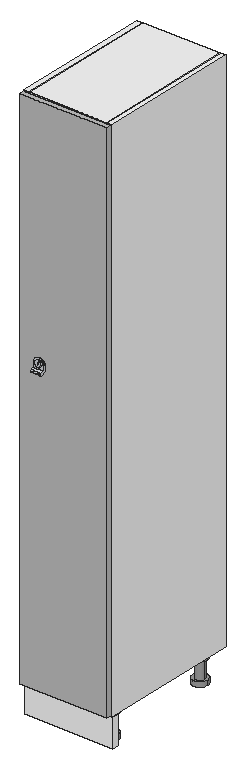
Revit family "1900H Locker Standard 1,2,3 Door", category Casework, Revit 2016
Family settings
  OmniClass Number = 23.40.35.00
  OmniClass Title = Casework
  Work Plane-Based = No
  Always vertical = Yes
  Cut with Voids When Loaded = No
  Shared = No
  Room Calculation Point = No
Parameters (values of type "LW319S1ABNP")
  WarrantyGuarantorParts = "www.bisley.com"  # constant formula
  WarrantyGuarantorLabour = "www.bisley.com"  # constant formula
  WarrantyDurationUnit = "Years"  # constant formula
  WarrantyDurationParts = "5"  # constant formula
  WarrantyDurationLabour = "5"  # constant formula
  WarrantyDescription = "5 Years Parts & Labour"  # constant formula
  Uniclass2015Version = "3.1"  # constant formula
  Uniclass2015Title = "Lockers"  # constant formula
  Uniclass2015Code = "Pr_40_30_78_48"  # constant formula
  URL = "www.bisley.com"
  SustainabilityPerformance = "FSC Approved"  # constant formula
  SerialNumber = ""
  NominalWidth = Width  # 300 mm
  NominalLength = Depth  # 500 mm
  NominalHeight = Height  # 1900 mm
  Name = "1900H Standard Door"  # constant formula
  NBSReference = "45-35-80/380"  # constant formula
  NBSDescription = "General fittings, furnishings and equipment system"  # constant formula
  ModelReference = "LW319S1ABNP"
  Model = "Lockerwall"  # constant formula
  Material = "MFC"  # constant formula
  ManufacturerURL = "www.bisley.com"  # constant formula
  Manufacturer = "Bisley"  # constant formula
  ManufactureName = "Bisley"  # constant formula
  M3 Lock 3d = no
  M3 Lock 2d = no
  M3 Lock 1d = no
  Foot [instance] = Foot 100 : Foot 100
  Finish = "Matt"  # constant formula
  E4 Lock 3d = no
  E4 Lock 2d = no
  E4 Lock 1d = no
  DurationUnit = "Years"  # constant formula
  Depth = 500 mm
  Height = 1900 mm
  Width = 300 mm
  Carcass Material = "MFC"  # constant formula
  Author = "Bisley"  # constant formula
  AssetType = "Fixed"  # constant formula
  AB Lock 3d = no
  AB Lock 2d = no
  AB Lock 1d = yes
  3 door = no
  2 door = no
  1 door = yes
Reference planes
  plane 1 "Back": y = 0
  plane 2: z = 0
  plane 3 "Center (Left/Right)": x = 44.7
  plane 4 "Front": y = -500
  plane 5 "Left": x = -105.3
  plane 6 "Right": x = 194.7
  plane 7 "Top": z = 1900
  plane 8 "Base": z = 98
  plane 9 "Base Left": x = -87.3
  plane 10 "Base Right": x = 176.7
  plane 11: y = -482
  plane 12: y = -10.5
  plane 13: y = -29.5
  plane 14 "Back Base": z = 110.5
  plane 15: z = 1887.5
  plane 16: z = 95
  plane 17 "Plinth": y = -477
  plane 18: y = -459
  plane 19: z = 101
  plane 20: z = 697
  plane 21: z = 701
  plane 22: z = 1297
  plane 23: z = 1301
  plane 24: z = 1897
  plane 25: x = -103.3
  plane 26: x = 192.7
  plane 27 "Shelf 2": z = 1290
  plane 28 "Shelf 1": z = 690
  plane 29: z = 997
  plane 30: z = 1001
  plane 31 "Shelf 3": z = 990
  plane 32 "Shelf 4": z = 412
  plane 33 "Shelf 5": z = 1586
Forms (mm)
  Extrusion 1, solid, not visible
    sketch origin (-1691.73, 346.204, -12) x (1, 0, 0) y (0, 0, 1)
      loop
        line (48, 12) -> (56, 12) -> (56, 20) -> (48, 20) -> (48, 12)
    from 0 to 26
  Extrusion 2, solid, not visible
    sketch origin (-1683.73, 346.204, -12) x (-1, 0, 0) y (0, 0, -1)
      loop
        line (48, -12) -> (48, -20) -> (56, -20) -> (56, -12) -> (48, -12)
    from 0 to 26
  Extrusion 3, solid, not visible
    sketch origin (-1687.73, 350.204, -3.997) x (0, 1, 0) y (0, 0, 1)
      loop
        line (-26, 3.997) -> (-26, 11.997) -> (-34, 11.997) -> (-34, 3.997) -> (-26, 3.997)
    from -52 to 52
  Extrusion 4, solid, material "MFC 1"
    sketch origin (0, 0, 0) x (1, 0, 0) y (0, 1, 0)
      loop
        line (-105.3, -482) -> (-87.3, -482) -> (-87.3, 0) -> (-105.3, 0) -> (-105.3, -482)
    from 98 to 1900
  Extrusion 5, solid, material "MFC 1"
    sketch origin (0, 0, 98) x (-1, 0, 0) y (0, -1, 0)
      loop
        line (-176.7, 482) -> (-194.7, 482) -> (-194.7, 0) -> (-176.7, 0) -> (-176.7, 482)
    from 0 to 1802
  Extrusion 6, solid, material "MFC 1"
    sketch origin (0, 0, 98) x (-1, 0, 0) y (0, -1, 0)
      loop
        line (87.3, 482) -> (-176.7, 482) -> (-176.7, 0) -> (87.3, 0) -> (87.3, 482)
    from 0 to 18
  Extrusion 7, void
    sketch origin (176.7, 0, 0) x (0, 1, 0) y (0, 0, 1)
      loop
        line (-29.5, 110.5) -> (-10.5, 110.5) -> (-10.5, 116) -> (-29.5, 116) -> (-29.5, 110.5)
    from 0 to -264
  Extrusion 8, solid, material "MFC 1"
    sketch origin (0, 0, 1180) x (0, -1, 0) y (1, 0, 0)
      loop
        line (482, -87.3) -> (482, 176.7) -> (0, 176.7) -> (0, -87.3) -> (482, -87.3)
    from 720 to -1069.5
  Extrusion 9, void
    sketch origin (176.7, 0, 0) x (0, 1, 0) y (0, 0, 1)
      loop
        line (-29.5, 1884.5) -> (-10.5, 1884.5) -> (-10.5, 1887.5) -> (-29.5, 1887.5) -> (-29.5, 1884.5)
    from 0 to -264
  Extrusion 10, solid, material "MFC 1"
    sketch origin (0, 0, 110.5) x (0, -1, 0) y (1, 0, 0)
      loop
        line (29.5, -87.3) -> (29.5, 176.7) -> (10.5, 176.7) -> (10.5, -87.3) -> (29.5, -87.3)
    from 0 to 1777
  Extrusion 11, solid, material "MFC 1"
    sketch origin (0, 0, 0) x (1, 0, 0) y (0, 1, 0)
      loop
        line (-105.3, -477) -> (194.7, -477) -> (194.7, -459) -> (-105.3, -459) -> (-105.3, -477)
    from 0 to 95
  Extrusion 12, solid, material "MFC 2", visible <- "3 door"
    sketch origin (0, -500, 480) x (1, 0, 0) y (0, 0, 1)
      loop
        line (-103.3, 821) -> (192.7, 821) -> (192.7, 1417) -> (-103.3, 1417) -> (-103.3, 821)
    from 0 to -18
  Extrusion 13, solid, material "MFC 2", visible <- "3 door"
    sketch origin (0, -500, 240) x (1, 0, 0) y (0, 0, 1)
      loop
        line (-103.3, 461) -> (192.7, 461) -> (192.7, 1057) -> (-103.3, 1057) -> (-103.3, 461)
    from 0 to -18
  Extrusion 14, solid, material "MFC 2", visible <- "3 door"
    sketch origin (0, -500, 0) x (1, 0, 0) y (0, 0, 1)
      loop
        line (-103.3, 101) -> (192.7, 101) -> (192.7, 697) -> (-103.3, 697) -> (-103.3, 101)
    from 0 to -18
  Extrusion 15, solid, material "MFC 1", visible <- "3 door"
    sketch origin (0, 0, 690) x (-1, 0, 0) y (0, -1, 0)
      loop
        line (87.3, 482) -> (-176.7, 482) -> (-176.7, 29.5) -> (87.3, 29.5) -> (87.3, 482)
    from 0 to 18
  Extrusion 16, solid, material "MFC 1", visible <- "3 door"
    sketch origin (0, 0, 1290) x (-1, 0, 0) y (0, -1, 0)
      loop
        line (87.3, 482) -> (-176.7, 482) -> (-176.7, 29.5) -> (87.3, 29.5) -> (87.3, 482)
    from 0 to 18
  Extrusion 17, solid, visible <- "2 door"
    sketch origin (0, 0, 990) x (-1, 0, 0) y (0, -1, 0)
      loop
        line (87.3, 482) -> (-176.7, 482) -> (-176.7, 29.5) -> (87.3, 29.5) -> (87.3, 482)
    from 0 to 18
  Extrusion 18, solid, material "MFC 2", visible <- "2 door"
    sketch origin (0, -500, 0) x (1, 0, 0) y (0, 0, 1)
      loop
        line (-103.3, 101) -> (192.7, 101) -> (192.7, 997) -> (-103.3, 997) -> (-103.3, 101)
    from 0 to -18
  Extrusion 19, solid, material "MFC 2", visible <- "2 door"
    sketch origin (0, -500, 0) x (1, 0, 0) y (0, 0, 1)
      loop
        line (-103.3, 1001) -> (192.7, 1001) -> (192.7, 1897) -> (-103.3, 1897) -> (-103.3, 1001)
    from 0 to -18
  Extrusion 20, solid, material "MFC 2", visible <- "1 door"
    sketch origin (0, -500, 0) x (1, 0, 0) y (0, 0, 1)
      loop
        line (-103.3, 101) -> (192.7, 101) -> (192.7, 1897) -> (-103.3, 1897) -> (-103.3, 101)
    from 0 to -18
  Extrusion 21, solid, material "MFC 1", visible <- "1 door"
    sketch origin (0, 0, 412) x (-1, 0, 0) y (0, -1, 0)
      loop
        line (87.3, 482) -> (-176.7, 482) -> (-176.7, 29.5) -> (87.3, 29.5) -> (87.3, 482)
    from 0 to -18
  Extrusion 22, solid, material "MFC 1", visible <- "1 door"
    sketch origin (0, 0, 1586) x (-1, 0, 0) y (0, -1, 0)
      loop
        line (87.3, 482) -> (-176.7, 482) -> (-176.7, 29.5) -> (87.3, 29.5) -> (87.3, 482)
    from 0 to 18
  Extrusion 23, solid, material "MFC 1", visible <- "1 door"
    sketch origin (0, 0, 708) x (-1, 0, 0) y (0, -1, 0)
      loop
        line (87.3, 482) -> (-176.7, 482) -> (-176.7, 29.5) -> (87.3, 29.5) -> (87.3, 482)
    from 0 to 18
  Extrusion 24, solid, visible <- "1 door"
    sketch origin (0, 0, 1008) x (-1, 0, 0) y (0, -1, 0)
      loop
        line (87.3, 482) -> (-176.7, 482) -> (-176.7, 29.5) -> (87.3, 29.5) -> (87.3, 482)
    from 0 to 18
  Extrusion 25, solid, material "MFC 1", visible <- "1 door"
    sketch origin (0, 0, 1308) x (-1, 0, 0) y (0, -1, 0)
      loop
        line (87.3, 482) -> (-176.7, 482) -> (-176.7, 29.5) -> (87.3, 29.5) -> (87.3, 482)
    from 0 to 18
Cuts and joins
  Extrusion 7, Extrusion 9 cuts Extrusion 5
  Extrusion 7 cuts Extrusion 6
  Extrusion 9 cuts Extrusion 4
  Extrusion 9 cuts Extrusion 8
Dimensions and locks
  "Width": plane 6 "Right" to plane 5 "Left"
  equal spacing: plane 6 "Right", plane 3 "Center (Left/Right)", plane 5 "Left"
  "Depth": plane 4 "Front" to plane 1 "Back"
  "Height": level to plane 7 "Top"
  locked: plane 5 "Left" to plane 9 "Base Left" at 18
  locked: plane 10 "Base Right" to plane 6 "Right" at 18
  locked: plane 7 "Top" to plane 15 at 12.5
  Extrusion 10 to plane 1 "Back" = 10.5 mm
  locked: nested 1 to plane 6 "Right" at 68
  locked: nested 2 to plane 6 "Right" at 68
  locked: plane 1 "Back" to nested 3 at 79.5
  locked: plane 11 to plane 4 "Front" at 18
  locked: plane 17 "Plinth" to plane 4 "Front" at 23
  locked: plane 18 to plane 4 "Front" at 41
  locked: nested 1 to plane 4 "Front" at 91
  locked: plane 5 "Left" to nested 4 at 68
  locked: plane 5 "Left" to nested 3 at 68
  locked: plane 4 "Front" to nested 4 at 91
  locked: plane 6 "Right" to plane 26 at 2
  locked: plane 25 to plane 5 "Left" at 2
  locked: plane 5 "Left" to nested 7 at 51
  locked: plane 5 "Left" to nested 6 at 51
  locked: plane 5 "Left" to nested 5 at 51
  locked: plane 5 "Left" to nested 10 at 40.5
  locked: plane 5 "Left" to nested 9 at 40.5
  locked: plane 5 "Left" to nested 8 at 40.5
  locked: plane 5 "Left" to nested 13 at 54.3
  locked: plane 5 "Left" to nested 12 at 54.3
  locked: plane 5 "Left" to nested 11 at 54.3
  locked: plane 5 "Left" to nested 19 at 40.5
  locked: plane 5 "Left" to nested 16 at 40.5
  locked: plane 5 "Left" to nested 17 at 51
  locked: plane 5 "Left" to nested 14 at 51
  locked: plane 5 "Left" to nested 18 at 54.3
  locked: plane 5 "Left" to nested 15 at 54.3
  Extrusion 20 sketch curve to Extrusion 20 sketch curve = 1796 mm
  locked: plane 5 "Left" to nested 21 at 40.5
  locked: plane 5 "Left" to nested 20 at 51
  locked: plane 5 "Left" to nested 22 at 54.3
  aligned and locked: level to plane 2
  aligned and locked: Extrusion 4 sketch curve to plane 11
  aligned and locked: Extrusion 4 sketch curve to plane 5 "Left"
  aligned and locked: Extrusion 4 sketch curve to plane 1 "Back"
  aligned and locked: plane 9 "Base Left" to Extrusion 4 sketch curve
  aligned and locked: Extrusion 4 to plane 8 "Base"
  aligned and locked: Extrusion 4 to plane 7 "Top"
  aligned and locked: Extrusion 5 sketch curve to plane 11
  aligned and locked: Extrusion 5 sketch curve to plane 10 "Base Right"
  aligned and locked: Extrusion 5 sketch curve to plane 1 "Back"
  aligned and locked: plane 6 "Right" to Extrusion 5 sketch curve
  aligned and locked: Extrusion 5 to plane 7 "Top"
  aligned and locked: Extrusion 5 to plane 8 "Base"
  aligned and locked: Extrusion 4 to Extrusion 6 sketch curve
  aligned and locked: Extrusion 6 sketch curve to Extrusion 4
  aligned and locked: Extrusion 5 to Extrusion 6 sketch curve
  aligned and locked: Extrusion 6 sketch curve to Extrusion 5
  aligned and locked: plane 6 "Right" to Extrusion 5
  aligned and locked: Extrusion 7 to plane 9 "Base Left"
  aligned and locked: plane 10 "Base Right" to Extrusion 7
  aligned and locked: Extrusion 8 sketch curve to cut or joined group of Extrusion 6, Extrusion 7  (x2)
  aligned and locked: Extrusion 8 sketch curve to Extrusion 4
  aligned and locked: Extrusion 8 sketch curve to cut or joined group of Extrusion 5, Extrusion 7, Extrusion 9
  aligned and locked: plane 15 to Extrusion 9 sketch curve
  aligned and locked: Extrusion 10 sketch curve to cut or joined group of Extrusion 6, Extrusion 7  (x2)
  aligned and locked: cut or joined group of Extrusion 6, Extrusion 7 to Extrusion 10 sketch curve  (x2)
  aligned and locked: Extrusion 10 to plane 14 "Back Base"
  aligned and locked: plane 15 to Extrusion 10
  aligned and locked: Extrusion 9 to plane 9 "Base Left"
  aligned and locked: Extrusion 11 sketch curve to plane 17 "Plinth"
  aligned and locked: Extrusion 11 sketch curve to plane 5 "Left"
  aligned and locked: plane 18 to Extrusion 11 sketch curve
  aligned and locked: plane 6 "Right" to Extrusion 11 sketch curve
  aligned and locked: Extrusion 11 to plane 5 "Left"
  aligned and locked: plane 6 "Right" to Extrusion 11
  aligned and locked: Extrusion 5 to plane 11
  aligned and locked: Extrusion 4 to plane 11
  aligned and locked: Extrusion 12 to plane 25
  aligned and locked: plane 26 to Extrusion 12
  aligned and locked: Extrusion 12 to plane 23
  aligned and locked: plane 24 to Extrusion 12
  aligned and locked: Extrusion 13 sketch curve to plane 21
  aligned and locked: Extrusion 13 sketch curve to plane 25
  aligned and locked: plane 22 to Extrusion 13 sketch curve
  aligned and locked: plane 26 to Extrusion 13 sketch curve
  aligned and locked: Extrusion 14 sketch curve to plane 19
  aligned and locked: Extrusion 14 sketch curve to plane 25
  aligned and locked: plane 20 to Extrusion 14 sketch curve
  aligned and locked: plane 26 to Extrusion 14 sketch curve
  aligned and locked: Extrusion 15 sketch curve to cut or joined group of Extrusion 6, Extrusion 7  (x2)
  aligned and locked: cut or joined group of Extrusion 6, Extrusion 7 to Extrusion 15 sketch curve
  aligned and locked: nested 2 to Extrusion 15 sketch curve
  aligned and locked: Extrusion 16 sketch curve to cut or joined group of Extrusion 6, Extrusion 7  (x2)
  aligned and locked: cut or joined group of Extrusion 6, Extrusion 7 to Extrusion 16 sketch curve
  aligned and locked: nested 2 to Extrusion 16 sketch curve
  aligned and locked: Extrusion 8 to plane 7 "Top"
  aligned and locked: Extrusion 8 to plane 14 "Back Base"
  aligned and locked: Extrusion 17 sketch curve to cut or joined group of Extrusion 6, Extrusion 7  (x2)
  aligned and locked: cut or joined group of Extrusion 6, Extrusion 7 to Extrusion 17 sketch curve
  aligned and locked: nested 2 to Extrusion 17 sketch curve
  aligned and locked: Extrusion 17 to plane 31 "Shelf 3"
  aligned and locked: Extrusion 18 sketch curve to Extrusion 14  (x2)
  aligned and locked: plane 29 to Extrusion 18 sketch curve
  aligned and locked: plane 26 to Extrusion 18 sketch curve
  aligned and locked: Extrusion 19 sketch curve to plane 30
  aligned and locked: Extrusion 19 sketch curve to plane 25
  aligned and locked: Extrusion 19 sketch curve to Extrusion 12  (x2)
  aligned and locked: Extrusion 20 sketch curve to Extrusion 14
  aligned and locked: Extrusion 20 sketch curve to Extrusion 18
  aligned and locked: Extrusion 20 sketch curve to Extrusion 19
  aligned and locked: Extrusion 21 sketch curve to cut or joined group of Extrusion 6, Extrusion 7  (x2)
  aligned and locked: cut or joined group of Extrusion 6, Extrusion 7 to Extrusion 21 sketch curve
  aligned and locked: nested 2 to Extrusion 21 sketch curve
  aligned and locked: Extrusion 22 sketch curve to cut or joined group of Extrusion 6, Extrusion 7  (x2)
  aligned and locked: cut or joined group of Extrusion 6, Extrusion 7 to Extrusion 22 sketch curve
  aligned and locked: nested 2 to Extrusion 22 sketch curve
Automatic sketch dimensions
  Extrusion 1 sketch curve to Extrusion 1 sketch curve = 8 mm  (x2)
  Extrusion 2 sketch curve to Extrusion 2 sketch curve = 8 mm  (x2)
  Extrusion 3 sketch curve to Extrusion 3 sketch curve = 8 mm  (x2)
  Extrusion 7 sketch curve to plane 13 = 0 mm
  Extrusion 7 sketch curve to plane 12 = 0 mm
  Extrusion 7 sketch curve to plane 14 "Back Base" = 0 mm
  Extrusion 7 sketch curve to Extrusion 7 sketch curve = 5.5 mm
  Extrusion 9 sketch curve to plane 13 = 0 mm
  Extrusion 9 sketch curve to plane 12 = 0 mm
  Extrusion 9 sketch curve to plane 15 = 3 mm
  Extrusion 12 sketch curve to plane 24 = 0 mm
  Extrusion 12 sketch curve to plane 25 = 0 mm
  Extrusion 12 sketch curve to plane 26 = 0 mm
  Extrusion 12 sketch curve to plane 23 = 0 mm
  Extrusion 23 sketch curve to plane 10 "Base Right" = 0 mm
  Extrusion 23 sketch curve to plane 9 "Base Left" = 0 mm
  Extrusion 23 sketch curve to plane 13 = 0 mm
  Extrusion 23 sketch curve to plane 11 = 0 mm
  Extrusion 24 sketch curve to plane 10 "Base Right" = 0 mm
  Extrusion 24 sketch curve to plane 9 "Base Left" = 0 mm
  Extrusion 24 sketch curve to plane 13 = 0 mm
  Extrusion 24 sketch curve to plane 11 = 0 mm
  Extrusion 25 sketch curve to plane 10 "Base Right" = 0 mm
  Extrusion 25 sketch curve to plane 9 "Base Left" = 0 mm
  Extrusion 25 sketch curve to plane 13 = 0 mm
  Extrusion 25 sketch curve to plane 11 = 0 mm
Nested families
  nested 1: "Foot 100" at (196.401, -409, 0) x (-1, 0, 0) z (0, 0, 1), type "Foot 100"
  nested 2: "Foot 100" at (196.401, -29.5, 0) x (-1, 0, 0) z (0, 0, 1), type "Foot 100"
  nested 3: "Foot 100" at (-107, -29.5, 0), type "Foot 100"
  nested 4: "Foot 100" at (-107, -409, 0), type "Foot 100"
  nested 5: "AB Lock" at (-82, -500, 373), visible <- "AB Lock 3d", type "AB Lock"
  nested 6: "AB Lock" at (-82, -500, 973), visible <- "AB Lock 3d", type "AB Lock"
  nested 7: "AB Lock" at (-82, -500, 1573), visible <- "AB Lock 3d", type "AB Lock"
  nested 8: "M3 Lock" at (-93, -500, 376), visible <- "M3 Lock 3d", type "M3 Lock"
  nested 9: "M3 Lock" at (-93, -500, 976), visible <- "M3 Lock 3d", type "M3 Lock"
  nested 10: "M3 Lock" at (-93, -500, 1576), visible <- "M3 Lock 3d", type "M3 Lock"
  nested 11: "E4 Lock" at (-83, -500, 385), visible <- "E4 Lock 3d", type "E4 Lock"
  nested 12: "E4 Lock" at (-83, -500, 985), visible <- "E4 Lock 3d", type "E4 Lock"
  nested 13: "E4 Lock" at (-83, -500, 1585), visible <- "E4 Lock 3d", type "E4 Lock"
  nested 14: "AB Lock" at (-82, -500, 523), visible <- "AB Lock 2d", type "AB Lock"
  nested 15: "E4 Lock" at (-83, -500, 535), visible <- "E4 Lock 2d", type "E4 Lock"
  nested 16: "M3 Lock" at (-93, -500, 526), visible <- "M3 Lock 2d", type "M3 Lock"
  nested 17: "AB Lock" at (-82, -500, 1423), visible <- "AB Lock 2d", type "AB Lock"
  nested 18: "E4 Lock" at (-83, -500, 1435), visible <- "E4 Lock 2d", type "E4 Lock"
  nested 19: "M3 Lock" at (-93, -500, 1426), visible <- "M3 Lock 2d", type "M3 Lock"
  nested 20: "AB Lock" at (-82, -500, 1073), visible <- "AB Lock 1d", type "AB Lock"
  nested 21: "M3 Lock" at (-93, -500, 1076), visible <- "M3 Lock 1d", type "M3 Lock"
  nested 22: "E4 Lock" at (-83, -500, 1085), visible <- "E4 Lock 1d", type "E4 Lock"
Definition of nested family "Foot 100"
  Parameters (values of type "Foot 100")
    WarrantyGuarantorParts = "www.bisley.com"  # constant formula
    WarrantyGuarantorLabour = "www.bisley.com"  # constant formula
    WarrantyDurationUnit = "Years"  # constant formula
    WarrantyDurationParts = "5"  # constant formula
    WarrantyDurationLabour = "5"  # constant formula
    WarrantyDescription = "5 Years Parts & Labour"  # constant formula
    Uniclass2015Version = ""
    Uniclass2015Title = ""
    Uniclass2015Code = ""
    URL = "www.bisley.com"
    SustainabilityPerformance = "FSC Approved"  # constant formula
    SerialNumber = ""
    NominalWidth = Width  # 50 mm
    NominalLength = Depth  # 50 mm
    NominalHeight = Height  # 900 mm
    Name = ""
    NBSReference = ""
    NBSDescription = "General fittings, furnishings and equipment system"  # constant formula
    ModelReference = ""
    Model = "Abode"  # constant formula
    Material = "MFC"  # constant formula
    ManufacturerURL = "www.bisley.com"  # constant formula
    Manufacturer = "Bisley"  # constant formula
    ManufactureName = "Bisley"  # constant formula
    Finish = "Matt"  # constant formula
    ExpectedLife = "25"  # constant formula
    DurationUnit = "Years"  # constant formula
    Depth = 50 mm
    Height = 900 mm
    Width = 50 mm
    Carcass Material = "MFC"  # constant formula
    Author = "Bisley"  # constant formula
    AssetType = "Fixed"  # constant formula
  Reference planes
    plane 1 "Back": y = 0
    plane 2: z = 0
    plane 3 "Center (Left/Right)": x = 44.7
    plane 4 "Front": y = -50
    plane 5 "Left": x = 19.7
    plane 6 "Right": x = 69.7
    plane 7 "Top": z = 900
    plane 8: y = -25
    plane 9 "Foot top": z = 98
    plane 10: y = 0
    plane 11: y = -50
    plane 12: x = 19.7
    plane 13: x = 69.7
    plane 14: x = 24.7
    plane 15: y = -5
  Forms (mm)
    Extrusion 1, solid, not visible
      sketch origin (-1691.73, 346.204, -12) x (1, 0, 0) y (0, 0, 1)
        loop
          line (48, 12) -> (56, 12) -> (56, 20) -> (48, 20) -> (48, 12)
      from 0 to 26
    Extrusion 2, solid, not visible
      sketch origin (-1683.73, 346.204, -12) x (-1, 0, 0) y (0, 0, -1)
        loop
          line (48, -12) -> (48, -20) -> (56, -20) -> (56, -12) -> (48, -12)
      from 0 to 26
    Extrusion 3, solid, not visible
      sketch origin (-1687.73, 350.204, -3.997) x (0, 1, 0) y (0, 0, 1)
        loop
          line (-26, 3.997) -> (-26, 11.997) -> (-34, 11.997) -> (-34, 3.997) -> (-26, 3.997)
      from -52 to 52
    Extrusion 4, solid
      sketch origin (0, 275, 0) x (1, 0, 0) y (0, 1, 0)
        loop
          circle (44.7, -300) r 25
      from 0 to 15
    Extrusion 5, solid
      sketch origin (0, 275, 0) x (1, 0, 0) y (0, 1, 0)
        loop
          circle (44.7, -300) r 15
      from 15 to 78
    Extrusion 6, solid
      sketch origin (0, 275, 0) x (1, 0, 0) y (0, 1, 0)
        loop
          circle (44.7, -300) r 25
      from 78 to 98
    Extrusion 7, solid
      sketch origin (0, 275, 98) x (-1, 0, 0) y (0, -1, 0)
        loop
          line (-19.7, 325) -> (-69.7, 325) -> (-69.7, 275) -> (-19.7, 275) -> (-19.7, 325)
      from 0 to -10
    Extrusion 8, void
      sketch origin (0, 275, 98) x (-1, 0, 0) y (0, -1, 0)
        loop
          circle (-24.7, 280) r 2.5
      from 0 to -10
    Extrusion 9, void
      sketch origin (89.401, 275, 98) x (1, 0, 0) y (0, 1, 0)
        loop
          circle (-24.7, -280) r 2.5
      from 0 to -10
    Extrusion 10, void
      sketch origin (0, -325, 98) x (-1, 0, 0) y (0, -1, 0)
        loop
          circle (-24.7, -280) r 2.5
      from 0 to -10
    Extrusion 11, void
      sketch origin (89.401, -325, 98) x (1, 0, 0) y (0, 1, 0)
        loop
          circle (-24.7, 280) r 2.5
      from 0 to -10
  Cuts and joins
    Extrusion 8, Extrusion 9, Extrusion 10, Extrusion 11 cuts Extrusion 4
    Extrusion 8, Extrusion 9, Extrusion 10, Extrusion 11 cuts Extrusion 5
    Extrusion 8, Extrusion 9, Extrusion 10, Extrusion 11 cuts Extrusion 6
    Extrusion 8, Extrusion 9, Extrusion 10, Extrusion 11 cuts Extrusion 7
    joined: Extrusion 4, Extrusion 5, Extrusion 6, Extrusion 7
  Dimensions and locks
    "Width": plane 6 "Right" to plane 5 "Left"
    equal spacing: plane 6 "Right", plane 3 "Center (Left/Right)", plane 5 "Left"
    "Depth": plane 4 "Front" to plane 1 "Back"
    "Height": level to plane 7 "Top"
    aligned and locked: level to plane 2
    aligned and locked: Extrusion 5 to Extrusion 4
    aligned and locked: Extrusion 4 to level
    aligned and locked: Extrusion 6 to Extrusion 5
    aligned and locked: plane 9 "Foot top" to Extrusion 6
  Automatic sketch dimensions
    Extrusion 1 sketch curve to Extrusion 1 sketch curve = 8 mm  (x2)
    Extrusion 2 sketch curve to Extrusion 2 sketch curve = 8 mm  (x2)
    Extrusion 3 sketch curve to Extrusion 3 sketch curve = 8 mm  (x2)
    Extrusion 4 sketch curve to plane 3 "Center (Left/Right)" = 0 mm
    plane 8 to Extrusion 4 sketch curve = 0 mm
    Extrusion 5 sketch curve to plane 3 "Center (Left/Right)" = 0 mm
    plane 8 to Extrusion 5 sketch curve = 0 mm
    Extrusion 6 sketch curve to plane 3 "Center (Left/Right)" = 0 mm
    plane 8 to Extrusion 6 sketch curve = 0 mm
    Extrusion 7 sketch curve to plane 11 = 0 mm
    Extrusion 7 sketch curve to plane 13 = 0 mm
    plane 10 to Extrusion 7 sketch curve = 0 mm
    Extrusion 7 sketch curve to plane 12 = 0 mm
    Extrusion 8 sketch curve to plane 14 = 0 mm
    Extrusion 8 sketch curve to plane 15 = 0 mm
    plane 15 to Extrusion 9 sketch curve = 0 mm
    plane 13 to Extrusion 9 sketch curve = 5 mm
    Extrusion 10 sketch curve to plane 14 = 0 mm
    Extrusion 10 sketch curve to plane 11 = 5 mm
    Extrusion 11 sketch curve to plane 13 = 5 mm
    plane 11 to Extrusion 11 sketch curve = 5 mm
    radius of Extrusion 4 sketch curve = 25 mm
    radius of Extrusion 5 sketch curve = 15 mm
    radius of Extrusion 6 sketch curve = 25 mm
    radius of Extrusion 8 sketch curve = 2.5 mm
    radius of Extrusion 9 sketch curve = 2.5 mm
    radius of Extrusion 10 sketch curve = 2.5 mm
    radius of Extrusion 11 sketch curve = 2.5 mm
Definition of nested family "AB Lock"
  Parameters (values of type "AB Lock")
    WarrantyGuarantorParts = "www.bisley.com"  # constant formula
    WarrantyGuarantorLabour = "www.bisley.com"  # constant formula
    WarrantyDurationUnit = "Years"  # constant formula
    WarrantyDurationParts = "5"  # constant formula
    WarrantyDurationLabour = "5"  # constant formula
    WarrantyDescription = "5 Years Parts & Labour"  # constant formula
    Uniclass2015Version = ""
    Uniclass2015Title = ""
    Uniclass2015Code = ""
    URL = "www.bisley.com"
    SustainabilityPerformance = "FSC Approved"  # constant formula
    SerialNumber = ""
    NominalWidth = Width  # 34 mm
    NominalLength = Depth  # 15 mm
    NominalHeight = Height  # 45 mm
    Name = ""
    NBSReference = ""
    NBSDescription = "General fittings, furnishings and equipment system"  # constant formula
    ModelReference = ""
    Model = "Abode"  # constant formula
    Material = "MFC"  # constant formula
    ManufacturerURL = "www.bisley.com"  # constant formula
    Manufacturer = "Bisley"  # constant formula
    ManufactureName = "Bisley"  # constant formula
    Finish = "Matt"  # constant formula
    ExpectedLife = "25"  # constant formula
    DurationUnit = "Years"  # constant formula
    Depth = 15 mm
    Height = 45 mm
    Width = 34 mm
    Carcass Material = "MFC"  # constant formula
    Author = "Bisley"  # constant formula
    AssetType = "Fixed"  # constant formula
  Reference planes
    plane 1 "Back": y = 0
    plane 2: z = 0
    plane 3 "Center (Left/Right)": x = 44.7
    plane 4 "Front": y = -15
    plane 5 "Left": x = 27.7
    plane 6 "Right": x = 61.7
    plane 7 "Top": z = 45
    plane 8: z = 28
    plane 9: z = 3
    plane 10: x = 31.2
    plane 11: x = 58.2
    plane 12: z = 6
    plane 13: y = -12
    plane 14: z = 10
    plane 15 "Lockback": y = -3
    plane 16: x = 43.2
    plane 17: x = 46.2
    plane 18: z = 32
    plane 19: z = 24
  Forms (mm)
    Extrusion 1, solid, not visible
      sketch origin (-1691.73, 346.204, -12) x (1, 0, 0) y (0, 0, 1)
        loop
          line (48, 12) -> (56, 12) -> (56, 20) -> (48, 20) -> (48, 12)
      from 0 to 26
    Extrusion 2, solid, not visible
      sketch origin (-1683.73, 346.204, -12) x (-1, 0, 0) y (0, 0, -1)
        loop
          line (48, -12) -> (48, -20) -> (56, -20) -> (56, -12) -> (48, -12)
      from 0 to 26
    Extrusion 3, solid, not visible
      sketch origin (-1687.73, 350.204, -3.997) x (0, 1, 0) y (0, 0, 1)
        loop
          line (-26, 3.997) -> (-26, 11.997) -> (-34, 11.997) -> (-34, 3.997) -> (-26, 3.997)
      from -52 to 52
    Extrusion 4, solid
      sketch origin (0, 0, 0) x (1, 0, 0) y (0, 0, 1)
        loop
          line (27.7, 28) -> (27.7, 6) -> (61.7, 6) -> (61.7, 28)
          arc (61.7, 28) -> (44.7, 45) -> (27.7, 28) r 17
      from 0 to 3
    Extrusion 5, solid
      sketch origin (27.7, 0, 0) x (0, 1, 0) y (0, 0, 1)
        loop
          circle (-12, 3) r 3
      from 0 to 34
    Extrusion 6, solid
      sketch origin (27.7, 0, 0) x (0, 1, 0) y (0, 0, 1)
        loop
          line (0, 6) -> (-3, 10)
          arc (-3, 10) -> (-7.815, 8.71) -> (-12, 6) r 16
          arc (-12, 6) -> (-9.879, 5.121) -> (-9, 3) r 3
          arc (-9, 3) -> (-4.809, 5.427) -> (0, 6) r 12
      from 0 to 34
    Extrusion 7, void
      sketch origin (27.7, 0, 0) x (0, 1, 0) y (0, 0, 1)
        loop
          line (-3, 10) -> (-3, 6) -> (0, 6) -> (-3, 10)
      from 0 to 34
    Extrusion 8, solid
      sketch origin (0, -3, 0) x (-1, 0, 0) y (0, 0, 1)
        loop
          circle (-44.7, 28) r 10.5
      from 0 to -3
    Extrusion 9, void
      sketch origin (0, -3, 0) x (-1, 0, 0) y (0, 0, 1)
        loop
          line (-43.2, 24) -> (-43.2, 32) -> (-46.2, 32) -> (-46.2, 24) -> (-43.2, 24)
      from 0 to -3
  Cuts and joins
    Extrusion 7, Extrusion 9 cuts Extrusion 4
    Extrusion 9 cuts Extrusion 5
    Extrusion 9 cuts Extrusion 6
    joined: Extrusion 4, Extrusion 5, Extrusion 6
    Extrusion 9 cuts Extrusion 8
  Lines and regions (mm)
    reference lines
      curve 1: arc (27.7, 0, 6) -> (27.7, -4.809, 5.427) -> (27.7, -9, 3) r 12
      curve 2: arc (27.7, -3, 10) -> (27.7, -7.815, 8.71) -> (27.7, -12, 6) r 16
  Dimensions and locks
    "Width": plane 6 "Right" to plane 5 "Left"
    equal spacing: plane 6 "Right", plane 3 "Center (Left/Right)", plane 5 "Left"
    "Depth": plane 4 "Front" to plane 1 "Back"
    "Height": level to plane 7 "Top"
    aligned and locked: level to plane 2
  Automatic sketch dimensions
    Extrusion 1 sketch curve to Extrusion 1 sketch curve = 8 mm  (x2)
    Extrusion 2 sketch curve to Extrusion 2 sketch curve = 8 mm  (x2)
    Extrusion 3 sketch curve to Extrusion 3 sketch curve = 8 mm  (x2)
    Extrusion 4 sketch curve to plane 5 "Left" = 0 mm
    Extrusion 4 sketch curve to plane 6 "Right" = 0 mm
    Extrusion 4 sketch curve to plane 12 = 0 mm
    Extrusion 4 sketch curve to plane 8 = 0 mm
    Extrusion 5 sketch curve to plane 9 = 0 mm
    Extrusion 5 sketch curve to plane 13 = 0 mm
    curve 2 to plane 12 = 0 mm
    curve 2 to plane 13 = 0 mm
    curve 1 to plane 9 = 0 mm
    plane 14 to curve 2 = 0 mm
    curve 1 to plane 1 "Back" = 0 mm
    curve 1 to plane 12 = 0 mm
    plane 1 "Back" to curve 2 = 1.317 mm
    curve 2 to curve 1 = 0.303 mm
    curve 2 to level = 5.911 mm
    curve 1 to curve 2 = 0.046 mm
    Extrusion 6 sketch curve to plane 12 = 0 mm  (x2)
    Extrusion 6 sketch curve to plane 13 = 0 mm
    Extrusion 6 sketch curve to plane 9 = 0 mm
    plane 14 to Extrusion 6 sketch curve = 0 mm
    Extrusion 6 sketch curve to plane 1 "Back" = 0 mm
    plane 1 "Back" to Extrusion 6 sketch curve = 3 mm
    plane 1 "Back" to Extrusion 6 sketch curve = 1.317 mm
    Extrusion 6 sketch curve to Extrusion 6 sketch curve = 0.303 mm
    Extrusion 7 sketch curve to plane 12 = 0 mm
    plane 14 to Extrusion 7 sketch curve = 0 mm
    Extrusion 7 sketch curve to plane 1 "Back" = 0 mm
    plane 1 "Back" to Extrusion 7 sketch curve = 3 mm
    Extrusion 8 sketch curve to plane 3 "Center (Left/Right)" = 0 mm
    Extrusion 8 sketch curve to plane 8 = 0 mm
    Extrusion 9 sketch curve to plane 17 = 0 mm
    Extrusion 9 sketch curve to plane 16 = 0 mm
    Extrusion 9 sketch curve to plane 19 = 0 mm
    Extrusion 9 sketch curve to plane 18 = 0 mm
    radius of Extrusion 5 sketch curve = 3 mm
    radius of Extrusion 8 sketch curve = 10.5 mm
Definition of nested family "M3 Lock"
  Parameters (values of type "M3 Lock")
    WarrantyGuarantorParts = "www.bisley.com"  # constant formula
    WarrantyGuarantorLabour = "www.bisley.com"  # constant formula
    WarrantyDurationUnit = "Years"  # constant formula
    WarrantyDurationParts = "5"  # constant formula
    WarrantyDurationLabour = "5"  # constant formula
    WarrantyDescription = "5 Years Parts & Labour"  # constant formula
    Uniclass2015Version = ""
    Uniclass2015Title = ""
    Uniclass2015Code = ""
    URL = "www.bisley.com"
    SustainabilityPerformance = "FSC Approved"  # constant formula
    SerialNumber = ""
    NominalWidth = Width  # 33 mm
    NominalLength = Depth  # 21.5 mm
    NominalHeight = Height  # 83.5 mm
    Name = ""
    NBSReference = ""
    NBSDescription = "General fittings, furnishings and equipment system"  # constant formula
    ModelReference = ""
    Model = "Abode"  # constant formula
    Material = "MFC"  # constant formula
    ManufacturerURL = "www.bisley.com"  # constant formula
    Manufacturer = "Bisley"  # constant formula
    ManufactureName = "Bisley"  # constant formula
    Finish = "Matt"  # constant formula
    ExpectedLife = "25"  # constant formula
    DurationUnit = "Years"  # constant formula
    Depth = 21.5 mm
    Height = 83.5 mm
    Width = 33 mm
    Carcass Material = "MFC"  # constant formula
    Author = "Bisley"  # constant formula
    AssetType = "Fixed"  # constant formula
  Reference planes
    plane 1 "Back": y = 0
    plane 2: z = 0
    plane 3 "Center (Left/Right)": x = 44.7
    plane 4 "Front": y = -21.5
    plane 5 "Left": x = 28.2
    plane 6 "Right": x = 61.2
    plane 7 "Top": z = 83.5
    plane 8 "BackFront": y = -3.045
    plane 9: x = 32.2
    plane 10: z = 79.5
    plane 11: x = 57.2
    plane 12: z = 4
    plane 13: x = 32.2
    plane 14: x = 57.2
    plane 15 "Barrel Base": z = 30.5
    plane 16: x = 40.5
    plane 17: x = 48.9
    plane 18: y = -4.445
    plane 19: z = 74.5
    plane 20 "L4": z = 69.8
    plane 21: z = 64.9
    plane 22 "L3": z = 60.2
    plane 23: z = 55.3
    plane 24 "L2": z = 50.6
    plane 25: z = 45.7
    plane 26 "L1": z = 41
    plane 27: x = 38.2
    plane 28: x = 51.2
    plane 29: y = -4.945
    plane 30: z = 40.5
    plane 31 "l-1": z = 38.5
    plane 32: z = 16
    plane 33: y = -9.045
    plane 34 "Thumbturn": y = -19.5
    plane 35: x = 43.2
    plane 36: x = 46.2
    plane 37: z = 20
    plane 38: z = 12
  Forms (mm)
    Extrusion 1, solid, not visible
      sketch origin (-1691.73, 346.204, -12) x (1, 0, 0) y (0, 0, 1)
        loop
          line (48, 12) -> (56, 12) -> (56, 20) -> (48, 20) -> (48, 12)
      from 0 to 26
    Extrusion 2, solid, not visible
      sketch origin (-1683.73, 346.204, -12) x (-1, 0, 0) y (0, 0, -1)
        loop
          line (48, -12) -> (48, -20) -> (56, -20) -> (56, -12) -> (48, -12)
      from 0 to 26
    Extrusion 3, solid, not visible
      sketch origin (-1687.73, 350.204, -3.997) x (0, 1, 0) y (0, 0, 1)
        loop
          line (-26, 3.997) -> (-26, 11.997) -> (-34, 11.997) -> (-34, 3.997) -> (-26, 3.997)
      from -52 to 52
    Extrusion 4, solid
      sketch origin (0, 0, 0) x (1, 0, 0) y (0, 0, 1)
        loop
          line (28.2, 0) -> (61.2, 0) -> (61.2, 83.5) -> (28.2, 83.5) -> (28.2, 0)
      from 0 to 3
    Extrusion 5, void
      sketch origin (0, 0, 0) x (1, 0, 0) y (0, 0, 1)
        loop
          arc (28.2, 79.5) -> (29.372, 82.328) -> (32.2, 83.5) r 4
          line (32.2, 83.5) -> (28.2, 83.5) -> (28.2, 79.5)
      from 0 to 3
    Extrusion 6, void
      sketch origin (0, 0, 0) x (1, 0, 0) y (0, 0, 1)
        loop
          arc (57.2, 83.5) -> (60.029, 82.328) -> (61.2, 79.5) r 4
          line (61.2, 79.5) -> (61.2, 83.5) -> (57.2, 83.5)
      from 0 to 3
    Extrusion 7, void
      sketch origin (0, 0, 0) x (1, 0, 0) y (0, 0, 1)
        loop
          arc (32.2, 0) -> (29.372, 1.172) -> (28.2, 4) r 4
          line (28.2, 4) -> (28.2, 0) -> (32.2, 0)
      from 0 to 3
    Extrusion 8, void
      sketch origin (0, 0, 0) x (1, 0, 0) y (0, 0, 1)
        loop
          line (57.2, 0) -> (61.2, 0) -> (61.2, 4)
          arc (61.2, 4) -> (60.029, 1.172) -> (57.2, 0) r 4
      from 0 to 3
    Extrusion 9, solid
      sketch origin (0, 0, 30.5) x (-1, 0, 0) y (0, -1, 0)
        loop
          arc (-40.5, 3) -> (-44.7, 4.445) -> (-48.9, 3) r 6.827
          line (-48.9, 3) -> (-40.5, 3)
      from 0 to 49
    Extrusion 10, solid
      sketch origin (0, 0, 41) x (-1, 0, 0) y (0, -1, 0)
        loop
          arc (-38.2, 3) -> (-44.7, 4.945) -> (-51.2, 3) r 11.835
          line (-51.2, 3) -> (-38.2, 3)
      from 0 to 4.7
    Extrusion 11, solid
      sketch origin (0, 0, 50.6) x (-1, 0, 0) y (0, -1, 0)
        loop
          arc (-38.2, 3) -> (-44.7, 4.945) -> (-51.2, 3) r 11.835
          line (-51.2, 3) -> (-38.2, 3)
      from 0 to 4.7
    Extrusion 12, solid
      sketch origin (0, 0, 60.2) x (-1, 0, 0) y (0, -1, 0)
        loop
          arc (-38.2, 3) -> (-44.7, 4.945) -> (-51.2, 3) r 11.835
          line (-51.2, 3) -> (-38.2, 3)
      from 0 to 4.7
    Extrusion 13, solid
      sketch origin (0, 0, 69.8) x (-1, 0, 0) y (0, -1, 0)
        loop
          arc (-38.2, 3) -> (-44.7, 4.945) -> (-51.2, 3) r 11.835
          line (-51.2, 3) -> (-38.2, 3)
      from 0 to 4.7
    Extrusion 14, solid
      sketch origin (0, 0, 38.5) x (-1, 0, 0) y (0, -1, 0)
        loop
          arc (-38.2, 3) -> (-44.7, 4.945) -> (-51.2, 3) r 11.835
          line (-51.2, 3) -> (-38.2, 3)
      from 0 to 2
    Extrusion 15, solid
      sketch origin (0, -3.045, 0) x (-1, 0, 0) y (0, 0, 1)
        loop
          circle (-44.7, 16) r 14.25
      from 0 to -4
    Extrusion 16, solid
      sketch origin (0, -3.045, 0) x (-1, 0, 0) y (0, 0, 1)
        loop
          circle (-44.7, 16) r 12.7
      from 0 to -18.455
    Extrusion 17, void
      sketch origin (0, -21.5, 0) x (1, 0, 0) y (0, 0, 1)
        loop
          circle (44.7, 16) r 7.362
      from 0 to -1
    Extrusion 18, solid
      sketch origin (0, -21.5, 0) x (1, 0, 0) y (0, 0, 1)
        loop
          line (40.5, 29.617) -> (40.5, 27.985)
          arc (40.5, 27.985) -> (44.7, 28.7) -> (48.9, 27.985) r 12.7
          line (48.9, 27.985) -> (48.9, 29.617)
          arc (48.9, 29.617) -> (44.7, 30.25) -> (40.5, 29.617) r 14.25
      from 0 to -14.5
    Extrusion 19, solid
      sketch origin (0, -20.483, 0) x (1, 0, 0) y (0, 0, 1)
        loop
          circle (44.7, 16) r 13.48
      from 0 to -1.5
    Extrusion 20, void
      sketch origin (0, -21.5, 0) x (1, 0, 0) y (0, 0, 1)
        loop
          line (43.2, 12) -> (46.2, 12) -> (46.2, 20) -> (43.2, 20) -> (43.2, 12)
      from 0 to -10.5
  Cuts and joins
    Extrusion 5, Extrusion 6, Extrusion 7, Extrusion 8, Extrusion 17, Extrusion 20 cuts Extrusion 4
    Extrusion 17, Extrusion 20 cuts Extrusion 9
    Extrusion 17, Extrusion 20 cuts Extrusion 10
    Extrusion 17, Extrusion 20 cuts Extrusion 11
    Extrusion 17, Extrusion 20 cuts Extrusion 12
    Extrusion 17, Extrusion 20 cuts Extrusion 13
    Extrusion 17, Extrusion 20 cuts Extrusion 14
    Extrusion 17, Extrusion 20 cuts Extrusion 15
    Extrusion 17, Extrusion 20 cuts Extrusion 16
    Extrusion 20 cuts Extrusion 18
    Extrusion 20 cuts Extrusion 19
    joined: Extrusion 4, Extrusion 9, Extrusion 10, Extrusion 11, Extrusion 12, Extrusion 13, Extrusion 14, Extrusion 15, Extrusion 16, Extrusion 18, Extrusion 19
  Dimensions and locks
    "Width": plane 6 "Right" to plane 5 "Left"
    equal spacing: plane 6 "Right", plane 3 "Center (Left/Right)", plane 5 "Left"
    "Depth": plane 4 "Front" to plane 1 "Back"
    "Height": level to plane 7 "Top"
    aligned and locked: level to plane 2
    aligned and locked: plane 10 to Extrusion 9
    aligned and locked: Extrusion 9 to plane 15 "Barrel Base"
    aligned and locked: Extrusion 4 to plane 7 "Top"
    aligned and locked: plane 6 "Right" to Extrusion 4
    aligned and locked: Extrusion 4 to plane 5 "Left"
    aligned and locked: Extrusion 4 to level
  Automatic sketch dimensions
    Extrusion 1 sketch curve to Extrusion 1 sketch curve = 8 mm  (x2)
    Extrusion 2 sketch curve to Extrusion 2 sketch curve = 8 mm  (x2)
    Extrusion 3 sketch curve to Extrusion 3 sketch curve = 8 mm  (x2)
    Extrusion 4 sketch curve to plane 5 "Left" = 0 mm
    Extrusion 4 sketch curve to plane 6 "Right" = 0 mm
    Extrusion 4 sketch curve to level = 0 mm
    Extrusion 4 sketch curve to plane 7 "Top" = 0 mm
    Extrusion 5 sketch curve to plane 7 "Top" = 0 mm
    Extrusion 5 sketch curve to plane 9 = 0 mm
    Extrusion 5 sketch curve to plane 10 = 0 mm
    Extrusion 6 sketch curve to plane 7 "Top" = 0 mm  (x2)
    Extrusion 6 sketch curve to plane 11 = 0 mm
    Extrusion 6 sketch curve to plane 6 "Right" = 0 mm
    Extrusion 6 sketch curve to plane 10 = 0 mm
    Extrusion 7 sketch curve to level = 0 mm
    Extrusion 7 sketch curve to plane 5 "Left" = 0 mm
    plane 9 to Extrusion 7 sketch curve = 0 mm  (x2)
    Extrusion 7 sketch curve to plane 12 = 0 mm
    Extrusion 8 sketch curve to level = 0 mm
    plane 11 to Extrusion 8 sketch curve = 0 mm
    Extrusion 8 sketch curve to plane 12 = 0 mm
    Extrusion 9 sketch curve to plane 17 = 0 mm
    Extrusion 9 sketch curve to plane 16 = 0 mm
    Extrusion 9 sketch curve to plane 1 "Back" = 2.382 mm
    plane 8 "BackFront" to Extrusion 9 sketch curve = 0.045 mm
    Extrusion 10 sketch curve to plane 28 = 0 mm
    Extrusion 10 sketch curve to plane 27 = 0 mm
    Extrusion 10 sketch curve to plane 1 "Back" = 6.89 mm
    plane 8 "BackFront" to Extrusion 10 sketch curve = 0.045 mm
    Extrusion 11 sketch curve to plane 28 = 0 mm
    Extrusion 11 sketch curve to plane 27 = 0 mm
    Extrusion 11 sketch curve to plane 1 "Back" = 6.89 mm
    plane 8 "BackFront" to Extrusion 11 sketch curve = 0.045 mm
    Extrusion 12 sketch curve to plane 28 = 0 mm
    Extrusion 12 sketch curve to plane 27 = 0 mm
    Extrusion 12 sketch curve to plane 1 "Back" = 6.89 mm
    plane 8 "BackFront" to Extrusion 12 sketch curve = 0.045 mm
    Extrusion 13 sketch curve to plane 28 = 0 mm
    Extrusion 13 sketch curve to plane 27 = 0 mm
    Extrusion 13 sketch curve to plane 1 "Back" = 6.89 mm
    plane 8 "BackFront" to Extrusion 13 sketch curve = 0.045 mm
    Extrusion 14 sketch curve to plane 28 = 0 mm
    Extrusion 14 sketch curve to plane 27 = 0 mm
    Extrusion 14 sketch curve to plane 1 "Back" = 6.89 mm
    plane 8 "BackFront" to Extrusion 14 sketch curve = 0.045 mm
    Extrusion 15 sketch curve to plane 3 "Center (Left/Right)" = 0 mm
    Extrusion 15 sketch curve to plane 32 = 0 mm
    Extrusion 16 sketch curve to plane 3 "Center (Left/Right)" = 0 mm
    Extrusion 16 sketch curve to plane 32 = 0 mm
    Extrusion 17 sketch curve to plane 3 "Center (Left/Right)" = 0 mm
    Extrusion 17 sketch curve to plane 32 = 0 mm
    Extrusion 18 sketch curve to Extrusion 18 sketch curve = 0 mm  (x2)
    Extrusion 18 sketch curve to plane 16 = 0 mm
    Extrusion 18 sketch curve to plane 3 "Center (Left/Right)" = 0 mm
    Extrusion 18 sketch curve to plane 17 = 0 mm
    Extrusion 18 sketch curve to plane 32 = 0 mm
    Extrusion 18 sketch curve to plane 15 "Barrel Base" = 2.515 mm
    Extrusion 18 sketch curve to plane 15 "Barrel Base" = 0.883 mm
    Extrusion 19 sketch curve to plane 3 "Center (Left/Right)" = 0 mm
    Extrusion 19 sketch curve to plane 32 = 0 mm
    Extrusion 20 sketch curve to plane 35 = 0 mm
    Extrusion 20 sketch curve to plane 36 = 0 mm
    Extrusion 20 sketch curve to plane 38 = 0 mm
    Extrusion 20 sketch curve to plane 37 = 0 mm
    radius of Extrusion 15 sketch curve = 14.25 mm
    radius of Extrusion 16 sketch curve = 12.7 mm
    radius of Extrusion 17 sketch curve = 7.362 mm
    radius of Extrusion 19 sketch curve = 13.48 mm
Definition of nested family "E4 Lock"
  Parameters (values of type "E4 Lock")
    WarrantyGuarantorParts = "www.bisley.com"  # constant formula
    WarrantyGuarantorLabour = "www.bisley.com"  # constant formula
    WarrantyDurationUnit = "Years"  # constant formula
    WarrantyDurationParts = "5"  # constant formula
    WarrantyDurationLabour = "5"  # constant formula
    WarrantyDescription = "5 Years Parts & Labour"  # constant formula
    Uniclass2015Version = ""
    Uniclass2015Title = ""
    Uniclass2015Code = ""
    URL = "www.bisley.com"
    SustainabilityPerformance = "FSC Approved"  # constant formula
    SerialNumber = ""
    NominalWidth = Width  # 25.4 mm
    NominalLength = Depth  # 20.4 mm
    NominalHeight = Height  # 101 mm
    Name = ""
    NBSReference = ""
    NBSDescription = "General fittings, furnishings and equipment system"  # constant formula
    ModelReference = ""
    Model = "Abode"  # constant formula
    Material = "MFC"  # constant formula
    ManufacturerURL = "www.bisley.com"  # constant formula
    Manufacturer = "Bisley"  # constant formula
    ManufactureName = "Bisley"  # constant formula
    Finish = "Matt"  # constant formula
    ExpectedLife = "25"  # constant formula
    DurationUnit = "Years"  # constant formula
    Depth = 20.4 mm
    Height = 101 mm
    Width = 25.4 mm
    Carcass Material = "MFC"  # constant formula
    Author = "Bisley"  # constant formula
    AssetType = "Fixed"  # constant formula
  Reference planes
    plane 1 "Back": y = 0
    plane 2: z = 0
    plane 3 "Center (Left/Right)": x = 44.7
    plane 4 "Front": y = -20.4
    plane 5 "Left": x = 32
    plane 6 "Right": x = 57.4
    plane 7 "Top": z = 101
    plane 8 "Back Front": y = -13.4
    plane 9: x = 35
    plane 10: x = 54.4
    plane 11: x = 35
    plane 12: x = 54.4
    plane 13: z = 3
    plane 14: z = 98
    plane 15 "Numbers": y = -14.4
    plane 16: z = 94
    plane 17: z = 87
    plane 18: z = 84.5
    plane 19: z = 77.5
    plane 20: z = 75
    plane 21: z = 68
    plane 22: z = 65.5
    plane 23: z = 58.5
    plane 24: z = 56
    plane 25: z = 49
    plane 26: z = 46.5
    plane 27: z = 39.5
    plane 28: z = 37
    plane 29: z = 32
    plane 30: z = 5.5
    plane 31: z = 25
    plane 32: z = 23
    plane 33: x = 36
    plane 34: x = 53.4
    plane 35: x = 44.5
    plane 36: x = 44.9
    plane 37: x = 37.98
    plane 38: x = 51.4
    plane 39: z = 35.539
    plane 40: z = 33.5
    plane 41: z = 28.5
    plane 42: x = 41.287
    plane 43: x = 48.1
    plane 44: x = 39.98
    plane 45: x = 49.4
    plane 46: z = 21
    plane 47: z = 7.5
    plane 48: z = 14.25
  Forms (mm)
    Extrusion 1, solid, not visible
      sketch origin (-1691.73, 346.204, -12) x (1, 0, 0) y (0, 0, 1)
        loop
          line (48, 12) -> (56, 12) -> (56, 20) -> (48, 20) -> (48, 12)
      from 0 to 26
    Extrusion 2, solid, not visible
      sketch origin (-1683.73, 346.204, -12) x (-1, 0, 0) y (0, 0, -1)
        loop
          line (48, -12) -> (48, -20) -> (56, -20) -> (56, -12) -> (48, -12)
      from 0 to 26
    Extrusion 3, solid, not visible
      sketch origin (-1687.73, 350.204, -3.997) x (0, 1, 0) y (0, 0, 1)
        loop
          line (-26, 3.997) -> (-26, 11.997) -> (-34, 11.997) -> (-34, 3.997) -> (-26, 3.997)
      from -52 to 52
    Extrusion 4, solid
      sketch origin (0, 0, 0) x (1, 0, 0) y (0, 0, 1)
        loop
          line (32, 0) -> (57.4, 0) -> (57.4, 101) -> (32, 101) -> (32, 0)
      from 0 to 13.4
    Extrusion 5, void
      sketch origin (0, 0, 0) x (1, 0, 0) y (0, 0, 1)
        loop
          arc (32, 98) -> (32.879, 100.121) -> (35, 101) r 3
          line (35, 101) -> (32, 101) -> (32, 98)
      from 0 to 13.4
    Extrusion 6, void
      sketch origin (0, 0, 0) x (1, 0, 0) y (0, 0, 1)
        loop
          line (57.4, 98) -> (57.4, 101) -> (54.4, 101)
          arc (54.4, 101) -> (56.522, 100.121) -> (57.4, 98) r 3
      from 0 to 13.4
    Extrusion 7, void
      sketch origin (0, 0, 0) x (1, 0, 0) y (0, 0, 1)
        loop
          line (32, 3) -> (32, 0) -> (35, 0)
          arc (35, 0) -> (32.879, 0.879) -> (32, 3) r 3
      from 0 to 13.4
    Extrusion 8, void
      sketch origin (0, 0, 0) x (1, 0, 0) y (0, 0, 1)
        loop
          line (54.4, 0) -> (57.4, 0) -> (57.4, 3)
          arc (57.4, 3) -> (56.522, 0.879) -> (54.4, 0) r 3
      from 0 to 13.4
    Extrusion 9, solid
      sketch origin (0, -13.4, 0) x (-1, 0, 0) y (0, 0, 1)
        loop
          line (-36, 87) -> (-36, 94) -> (-44.5, 94) -> (-44.5, 87) -> (-36, 87)
      from 0 to -1
    Extrusion 10, solid
      sketch origin (0, -13.4, 0) x (-1, 0, 0) y (0, 0, 1)
        loop
          line (-44.9, 87) -> (-44.9, 94) -> (-53.4, 94) -> (-53.4, 87) -> (-44.9, 87)
      from 0 to -1
    Extrusion 11, solid
      sketch origin (0, -13.4, -9.5) x (-1, 0, 0) y (0, 0, 1)
        loop
          line (-36, 87) -> (-36, 94) -> (-44.5, 94) -> (-44.5, 87) -> (-36, 87)
      from 0 to -1
    Extrusion 12, solid
      sketch origin (0, -13.4, -9.5) x (-1, 0, 0) y (0, 0, 1)
        loop
          line (-44.9, 87) -> (-44.9, 94) -> (-53.4, 94) -> (-53.4, 87) -> (-44.9, 87)
      from 0 to -1
    Extrusion 13, solid
      sketch origin (0, -13.4, -19) x (-1, 0, 0) y (0, 0, 1)
        loop
          line (-36, 87) -> (-36, 94) -> (-44.5, 94) -> (-44.5, 87) -> (-36, 87)
      from 0 to -1
    Extrusion 14, solid
      sketch origin (0, -13.4, -19) x (-1, 0, 0) y (0, 0, 1)
        loop
          line (-44.9, 87) -> (-44.9, 94) -> (-53.4, 94) -> (-53.4, 87) -> (-44.9, 87)
      from 0 to -1
    Extrusion 15, solid
      sketch origin (0, -13.4, -28.5) x (-1, 0, 0) y (0, 0, 1)
        loop
          line (-36, 87) -> (-36, 94) -> (-44.5, 94) -> (-44.5, 87) -> (-36, 87)
      from 0 to -1
    Extrusion 16, solid
      sketch origin (0, -13.4, -28.5) x (-1, 0, 0) y (0, 0, 1)
        loop
          line (-44.9, 87) -> (-44.9, 94) -> (-53.4, 94) -> (-53.4, 87) -> (-44.9, 87)
      from 0 to -1
    Extrusion 17, solid
      sketch origin (0, -13.4, -38) x (-1, 0, 0) y (0, 0, 1)
        loop
          line (-36, 87) -> (-36, 94) -> (-44.5, 94) -> (-44.5, 87) -> (-36, 87)
      from 0 to -1
    Extrusion 18, solid
      sketch origin (0, -13.4, -38) x (-1, 0, 0) y (0, 0, 1)
        loop
          line (-44.9, 87) -> (-44.9, 94) -> (-53.4, 94) -> (-53.4, 87) -> (-44.9, 87)
      from 0 to -1
    Extrusion 19, solid
      sketch origin (0, -13.4, -47.5) x (-1, 0, 0) y (0, 0, 1)
        loop
          line (-36, 87) -> (-36, 94) -> (-44.5, 94) -> (-44.5, 87) -> (-36, 87)
      from 0 to -1
    Extrusion 20, solid
      sketch origin (0, -13.4, -47.5) x (-1, 0, 0) y (0, 0, 1)
        loop
          line (-44.9, 87) -> (-44.9, 94) -> (-53.4, 94) -> (-53.4, 87) -> (-44.9, 87)
      from 0 to -1
    Extrusion 21, solid
      sketch origin (0, -14.4, 0) x (-1, 0, 0) y (0, 0, 1)
        loop
          line (-37.98, 33.5) -> (-37.98, 35.539) -> (-51.4, 35.539) -> (-51.4, 33.5) -> (-37.98, 33.5)
      from 0 to 1
    Extrusion 22, solid
      sketch origin (0, -14.4, 0) x (-1, 0, 0) y (0, 0, 1)
        loop
          line (-37.98, 25) -> (-37.98, 32) -> (-51.4, 32) -> (-51.4, 25) -> (-37.98, 25)
      from 0 to 1
    Extrusion 23, void
      sketch origin (0, -14.4, 0) x (-1, 0, 0) y (0, 0, 1)
        loop
          circle (-41.287, 28.5) r 1
      from 0 to 1
    Extrusion 24, void
      sketch origin (0, -14.4, 0) x (-1, 0, 0) y (0, 0, 1)
        loop
          circle (-44.7, 28.5) r 0.982
      from 0 to 1
    Extrusion 25, void
      sketch origin (0, -14.4, 0) x (-1, 0, 0) y (0, 0, 1)
        loop
          circle (-48.1, 28.5) r 1.013
      from 0 to 1
    Extrusion 26, solid
      sketch origin (0, -20.4, 0) x (1, 0, 0) y (0, 0, 1)
        loop
          line (37.98, 5.5) -> (51.4, 5.5) -> (51.4, 23) -> (37.98, 23) -> (37.98, 5.5)
      from 0 to -6
    Extrusion 27, void
      sketch origin (0, -20.4, 0) x (1, 0, 0) y (0, 0, 1)
        loop
          line (39.98, 23) -> (37.98, 23) -> (37.98, 21)
          arc (37.98, 21) -> (38.566, 22.414) -> (39.98, 23) r 2
      from 0 to -6
    Extrusion 28, void
      sketch origin (0, -20.4, 0) x (1, 0, 0) y (0, 0, 1)
        loop
          arc (49.4, 23) -> (50.815, 22.414) -> (51.4, 21) r 2
          line (51.4, 21) -> (51.4, 23) -> (49.4, 23)
      from 0 to -6
    Extrusion 29, void
      sketch origin (0, -20.4, 0) x (1, 0, 0) y (0, 0, 1)
        loop
          line (37.98, 7.5) -> (37.98, 5.5) -> (39.98, 5.5)
          arc (39.98, 5.5) -> (38.566, 6.086) -> (37.98, 7.5) r 2
      from 0 to -6
    Extrusion 30, void
      sketch origin (0, -20.4, 0) x (1, 0, 0) y (0, 0, 1)
        loop
          line (49.4, 5.5) -> (51.4, 5.5) -> (51.4, 7.5)
          arc (51.4, 7.5) -> (50.815, 6.086) -> (49.4, 5.5) r 2
      from 0 to -6
    Extrusion 31, solid
      sketch origin (0, -14.4, 0) x (-1, 0, 0) y (0, 0, 1)
        loop
          circle (-44.7, 14.25) r 7.5
      from 0 to 1
  Cuts and joins
    Extrusion 5, Extrusion 6, Extrusion 7, Extrusion 8 cuts Extrusion 4
    Extrusion 23, Extrusion 24, Extrusion 25 cuts Extrusion 22
    Extrusion 27, Extrusion 28, Extrusion 29, Extrusion 30 cuts Extrusion 26
  Dimensions and locks
    "Width": plane 6 "Right" to plane 5 "Left"
    equal spacing: plane 6 "Right", plane 3 "Center (Left/Right)", plane 5 "Left"
    "Depth": plane 4 "Front" to plane 1 "Back"
    "Height": level to plane 7 "Top"
    aligned and locked: level to plane 2
    aligned and locked: Extrusion 4 to plane 5 "Left"
    aligned and locked: plane 6 "Right" to Extrusion 4
    aligned and locked: Extrusion 4 to plane 7 "Top"
    aligned and locked: Extrusion 4 to level
  Automatic sketch dimensions
    Extrusion 1 sketch curve to Extrusion 1 sketch curve = 8 mm  (x2)
    Extrusion 2 sketch curve to Extrusion 2 sketch curve = 8 mm  (x2)
    Extrusion 3 sketch curve to Extrusion 3 sketch curve = 8 mm  (x2)
    Extrusion 4 sketch curve to plane 5 "Left" = 0 mm
    Extrusion 4 sketch curve to plane 6 "Right" = 0 mm
    Extrusion 4 sketch curve to level = 0 mm
    Extrusion 4 sketch curve to plane 7 "Top" = 0 mm
    Extrusion 5 sketch curve to plane 5 "Left" = 0 mm  (x2)
    Extrusion 5 sketch curve to plane 7 "Top" = 0 mm
    Extrusion 5 sketch curve to plane 9 = 0 mm
    Extrusion 5 sketch curve to plane 14 = 0 mm
    Extrusion 6 sketch curve to plane 10 = 0 mm
    Extrusion 6 sketch curve to plane 6 "Right" = 0 mm
    Extrusion 6 sketch curve to plane 14 = 0 mm
    Extrusion 7 sketch curve to level = 0 mm
    Extrusion 7 sketch curve to plane 5 "Left" = 0 mm
    plane 9 to Extrusion 7 sketch curve = 0 mm
    Extrusion 8 sketch curve to level = 0 mm
    plane 10 to Extrusion 8 sketch curve = 0 mm
    Extrusion 8 sketch curve to plane 6 "Right" = 0 mm
    Extrusion 9 sketch curve to plane 17 = 0 mm
    Extrusion 9 sketch curve to plane 35 = 0 mm
    Extrusion 9 sketch curve to plane 16 = 0 mm
    Extrusion 9 sketch curve to plane 33 = 0 mm
    Extrusion 10 sketch curve to plane 17 = 0 mm
    Extrusion 10 sketch curve to plane 34 = 0 mm
    Extrusion 10 sketch curve to plane 16 = 0 mm
    Extrusion 10 sketch curve to plane 36 = 0 mm
    Extrusion 11 sketch curve to plane 19 = 0 mm
    Extrusion 11 sketch curve to plane 35 = 0 mm
    Extrusion 11 sketch curve to plane 18 = 0 mm
    Extrusion 11 sketch curve to plane 33 = 0 mm
    Extrusion 12 sketch curve to plane 19 = 0 mm
    Extrusion 12 sketch curve to plane 34 = 0 mm
    Extrusion 12 sketch curve to plane 18 = 0 mm
    Extrusion 12 sketch curve to plane 36 = 0 mm
    Extrusion 13 sketch curve to plane 21 = 0 mm
    Extrusion 13 sketch curve to plane 35 = 0 mm
    Extrusion 13 sketch curve to plane 20 = 0 mm
    Extrusion 13 sketch curve to plane 33 = 0 mm
    Extrusion 14 sketch curve to plane 21 = 0 mm
    Extrusion 14 sketch curve to plane 34 = 0 mm
    Extrusion 14 sketch curve to plane 20 = 0 mm
    Extrusion 14 sketch curve to plane 36 = 0 mm
    Extrusion 15 sketch curve to plane 23 = 0 mm
    Extrusion 15 sketch curve to plane 35 = 0 mm
    Extrusion 15 sketch curve to plane 22 = 0 mm
    Extrusion 15 sketch curve to plane 33 = 0 mm
    Extrusion 16 sketch curve to plane 23 = 0 mm
    Extrusion 16 sketch curve to plane 34 = 0 mm
    Extrusion 16 sketch curve to plane 22 = 0 mm
    Extrusion 16 sketch curve to plane 36 = 0 mm
    Extrusion 17 sketch curve to plane 25 = 0 mm
    Extrusion 17 sketch curve to plane 35 = 0 mm
    Extrusion 17 sketch curve to plane 24 = 0 mm
    Extrusion 17 sketch curve to plane 33 = 0 mm
    Extrusion 18 sketch curve to plane 25 = 0 mm
    Extrusion 18 sketch curve to plane 34 = 0 mm
    Extrusion 18 sketch curve to plane 24 = 0 mm
